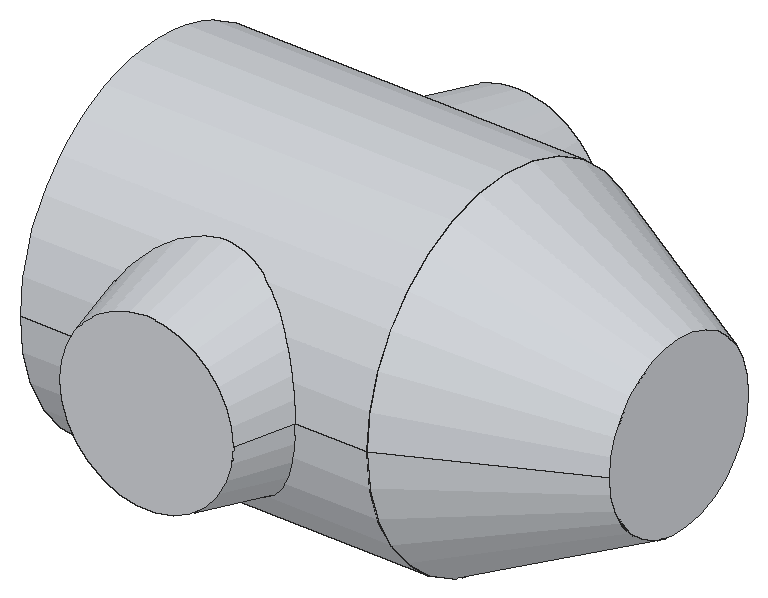
Revit family "M_Round Cross with Transition - Conical", category Duct Fittings, Revit 2014
Parameters (values of type "Standard")
  Duct Radius 4 [instance] = 150 mm
  Duct Radius 3 [instance] = 150 mm
  Duct Radius 2 [instance] = 150 mm
  Duct Radius 1 [instance] = 300 mm
  Duct Length 1 [instance] = Cone Base Radius * 2 + 100 mm  # 600 mm
  Duct Diameter 4 [instance] = Duct Radius 4 * 2  # 300 mm
  Duct Diameter 3 [instance] = Duct Radius 3 * 2  # 300 mm
  Duct Diameter 2 [instance] = Duct Radius 2 * 2  # 300 mm
  Duct Diameter 1 [instance] = Duct Radius 1 * 2  # 600 mm
  Length 1 [instance] = Duct Radius 1 + Duct Length 2  # 600 mm
  Cone Base Radius [instance] = if(Duct Radius 4 > Duct Radius 3, Duct Radius 4 + Length 2 * 2, Duct Radius 3 + Length 2 * 2)  # 250 mm
  Length 3 [instance] = Length 1 * (-1)  # -600 mm
  Duct Length 2 [instance] = if(2 * abs(Duct Radius 1 - Duct Radius 2) > 300 mm, 300 mm, if(2 * abs(Duct Radius 1 - Duct Radius 2) < 25 mm, 25 mm, if(2 * abs(Duct Radius 1 - Duct Radius 2) < 25 mm, 25 mm, 2 * abs(Duct Radius 1 - Duct Radius 2))))  # 300 mm
  Length 2 [instance] = 50 mm
Reference planes
  plane 1 "Center (Front/Back)": y = 0
  plane 2: z = 0
  plane 3 "Center (Left/Right)": x = 0
  plane 4: x = -300
  plane 5: x = 300
  plane 6: y = 300
  plane 7: y = -300
  plane 8: x = 600
  plane 9: y = 401.6
  plane 10: y = -401.6
Forms (mm)
  Sweep 1, solid, detail levels medium+fine
    path in 3D
      loop
        line (-300, 0, 0) -> (300, 0, 0)
    profile origin (0, 0, 0) x (0, 1, 0) y (0, 0, 1)
      loop
        circle (0, 0) r 300
  Blend 2, solid, detail levels medium+fine
    base sketch origin (0, 0, 0) x (1, 0, 0) y (0, 0, 1)
      loop
        circle (0, 0) r 250
    top sketch origin (0, 0, 0) x (1, 0, 0) y (0, 0, 1)
      loop
        circle (0, 0) r 150
    from 0 to -401.6
  Blend 3, solid, detail levels medium+fine
    base sketch origin (0, 0, 0) x (1, 0, 0) y (0, 0, 1)
      loop
        circle (0, 0) r 250
    top sketch origin (0, 0, 0) x (1, 0, 0) y (0, 0, 1)
      loop
        circle (0, 0) r 150
    from 0 to 401.6
  Blend 4, solid, detail levels medium+fine
    base sketch origin (300, 1524, 1219.2) x (0, 1, 0) y (0, 0, 1)
      loop
        circle (-1524, -1219.2) r 300
    top sketch origin (300, 1524, 1219.2) x (0, 1, 0) y (0, 0, 1)
      loop
        circle (-1524, -1219.2) r 150
    from 0 to 300
  Extrusion 5, solid, detail levels medium+fine
    sketch origin (-2224.791, 401.6, 1219.2) x (-1, 0, 0) y (0, 0, 1)
      loop
        circle (-2224.791, -1219.2) r 6.35
    from 0 to -803.2
  Extrusion 6, solid, detail levels medium+fine
    sketch origin (-300, 1423.903, 1219.2) x (0, 1, 0) y (0, 0, 1)
      loop
        circle (-1423.903, -1219.2) r 6.35
    from 600 to 900
Cuts and joins
  joined: Sweep 1, Blend 2, Blend 3, Extrusion 5
  joined: Blend 4, Extrusion 6
Lines and regions (mm)
  model lines, detail levels coarse
    curve 1: line (-300, 0, 0) -> (300, 0, 0)
    curve 3: line (300, 0, 0) -> (600, 0, 0)
    curve 4: line (0, 401.6, 0) -> (0, -401.6, 0)
  sketch lines
    curve 2: line (-300, 0, 0) -> (300, 0, 0)
Dimensions and locks
  "Duct Radius 1": plane 1 "Center (Front/Back)" to plane 6
  "Duct Radius 1": plane 7 to plane 1 "Center (Front/Back)"
  equal spacing: plane 4, plane 3 "Center (Left/Right)", plane 5
  "Duct Length 1": plane 4 to plane 5
  "Duct Length 2": plane 5 to plane 8
  plane 9 to plane 6 = 101.6 mm
  plane 7 to plane 10 = 101.6 mm
  "Duct Radius 1": radius of Sweep 1 sketch curve
  "Cone Base Radius": radius of Blend 2 sketch curve
  "Duct Radius 4": radius of Blend 2 sketch curve
  "Cone Base Radius": radius of Blend 3 sketch curve
  "Duct Radius 3": radius of Blend 3 sketch curve
  "Duct Radius 1": radius of Blend 4 sketch curve
  "Duct Radius 2": radius of Blend 4 sketch curve
  aligned and locked: plane 9 to Blend 2
  aligned and locked: plane 1 "Center (Front/Back)" to Blend 2
  aligned and locked: Blend 2 to plane 9
  aligned and locked: Blend 3 to plane 10
  aligned and locked: Blend 3 to plane 1 "Center (Front/Back)"
  aligned and locked: Blend 4 to plane 8
  aligned and locked: Blend 4 to plane 5
  aligned and locked: curve 4 to plane 3 "Center (Left/Right)"
  aligned and locked: plane 9 to curve 4
  aligned and locked: plane 1 "Center (Front/Back)" to curve 3
  aligned and locked: plane 8 to curve 3
  aligned and locked: plane 5 to curve 3
  aligned and locked: Extrusion 5 to plane 10
  aligned and locked: plane 9 to Extrusion 5
  aligned and locked: Extrusion 5 to curve 4
  aligned and locked: Extrusion 6 to plane 8
  aligned and locked: Extrusion 6 to plane 5
Automatic sketch dimensions
  Sweep 1 sketch curve to profile plane = 0 mm  (x2)
  Blend 2 sketch curve to level = 0 mm  (x2)
  Blend 2 sketch curve to plane 3 "Center (Left/Right)" = 0 mm  (x2)
  Blend 3 sketch curve to level = 0 mm  (x2)
  Blend 3 sketch curve to plane 3 "Center (Left/Right)" = 0 mm  (x2)
  Blend 4 sketch curve to level = 0 mm  (x2)
  Blend 4 sketch curve to plane 1 "Center (Front/Back)" = 0 mm  (x2)
  curve 1 to plane 4 = 0 mm
  Extrusion 6 sketch curve to level = 0 mm
  Extrusion 6 sketch curve to plane 1 "Center (Front/Back)" = 0 mm
  Extrusion 5 sketch curve to level = 0 mm
  Extrusion 5 sketch curve to plane 3 "Center (Left/Right)" = 0 mm
  radius of Extrusion 6 sketch curve = 6.35 mm
  radius of Extrusion 5 sketch curve = 6.35 mm
Connectors
  hvac at (-300, 0, 0), driven by "Duct Radius 1"
    settings: on cut or joined group of Sweep 1, Blend 2, Blend 3, Extrusion 5, index 1, duct flow 0.0 L/s, flow factor 0, pres drop 0.0 Pa, loss coef 0, conn angle 0.00°, conn width 304.8 mm, conn height 304.8 mm, conn diameter 600 mm, duct sys type 28, conn prof type 0, flow config 0, flow direction 0, loss method 0, conn ref index 2, conn util no, is conn primary yes, conn desc ""
  hvac at (600, 0, 0), driven by "Duct Radius 2"
    settings: on cut or joined group of Blend 4, Extrusion 6, index 2, duct flow 0.0 L/s, flow factor 0, pres drop 0.0 Pa, loss coef 0, conn angle 0.00°, conn width 304.8 mm, conn height 304.8 mm, conn diameter 300 mm, duct sys type 28, conn prof type 0, flow config 0, flow direction 0, loss method 0, conn ref index 1, conn util no, is conn primary no, conn desc ""
  hvac at (0, -401.6, 0), driven by "Duct Radius 3"
    settings: on cut or joined group of Sweep 1, Blend 2, Blend 3, Extrusion 5, index 3, duct flow 0.0 L/s, flow factor 0, pres drop 0.0 Pa, loss coef 0, conn angle 0.00°, conn width 304.8 mm, conn height 304.8 mm, conn diameter 300 mm, duct sys type 28, conn prof type 0, flow config 0, flow direction 0, loss method 0, conn ref index 4, conn util no, is conn primary no, conn desc ""
  hvac at (0, 401.6, 0), driven by "Duct Radius 4"
    settings: on cut or joined group of Sweep 1, Blend 2, Blend 3, Extrusion 5, index 4, duct flow 0.0 L/s, flow factor 0, pres drop 0.0 Pa, loss coef 0, conn angle 0.00°, conn width 304.8 mm, conn height 304.8 mm, conn diameter 300 mm, duct sys type 28, conn prof type 0, flow config 0, flow direction 0, loss method 0, conn ref index 3, conn util no, is conn primary no, conn desc ""
